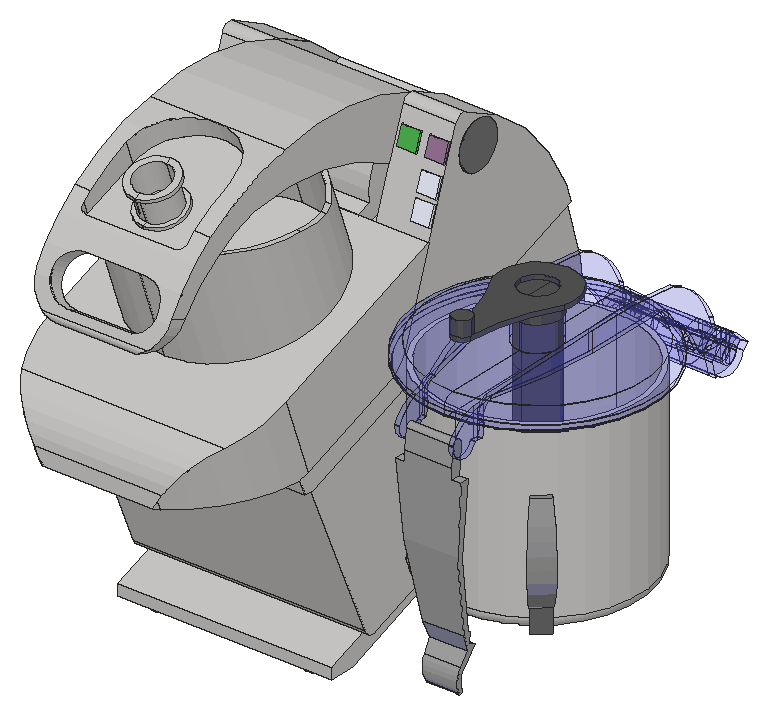
Revit family "QF_DITOSAMA_600439_DTRK70YG", category Specialty Equipment, Revit 2018
Family settings
  Round Connector Dimension = Use Diameter
  Part Type = Normal
  Work Plane-Based = No
  Always vertical = Yes
  Cut with Voids When Loaded = No
  Shared = No
  Room Calculation Point = No
Parameters (values of type "Standard")
  Weight = 28.00 kg
  Watts = 0 W
  Volts = 200 V
  URL Manufacturer = "http://www.ditosama.com"
  URL = "http://www.ditosama.com"
  Steam Supply Size = 0 mm
  Steam Supply Minimum Pressure = 0.0 Pa
  Steam Supply Maximum Pressure = 0.0 Pa
  Steam Pounds per Hour = 0
  Refrigeration Suction Line Size = 0 mm
  Refrigeration Liquid Line Size = 0 mm
  Refrigerant Compressor Remote = yes
  Manufacturer = "Dito Sama"
  Phase = 1
  Model = "DTRK70YG"
  Length Actual = 252 mm  # constant formula
  Item Number = "600439"
  Hot Water Size = 0 mm
  Height Actual = 505 mm  # constant formula
  HP = "2 HP"
  Gas Size = 0 mm
  Gas KW = 0
  Gas Input Pressure = 0 W
  Direct Waste Size = 0 mm
  Description = "CUTTER/SLICER 7L VARIAB.SPEED-1500W-200-240/1/50-60-UK"
  Depth Actual = 485 mm  # constant formula
  Cycle = 50 Hz
  Condensate Return Size = 0 mm
  Compressed Air Volume = 0.0 L/s
  Compressed Air Size = 0 mm
  Compressed Air Pressure = 0.0 Pa
  Cold Water Size = 0 mm
  Accessory = yes
Reference planes
  plane 1 "Center (Front/Back)": y = 0
  plane 2: z = 0
  plane 3 "Center (Left/Right)": x = 0
  plane 4 "BASE": through (-1506.947, -1354.442, -482.669) normal (0, -0.342, 0.9397)
  plane 5 "TOP": z = 725
  plane 6 "FRONT": y = -250
  plane 7 "BACK": y = 250
  plane 8 "LEFT": x = -126
  plane 9 "RIGHT": x = 126
  plane 10 "BaseSup": through (4267.2, -355.454, 143.983) normal (0, -0.342, 0.9397)
  plane 11 "TopCylinder": z = 505
  plane 12 "panel": through (4267.2, 37.396, 376.789) normal (0, -0.9397, 0.342)
  plane 13 "TAN1": through (4267.2, -242.8, 386.84) normal (0, -0.868, 0.4965)
  plane 14 "cx": x = -4.392
  plane 15: z = 490
  plane 16: z = 685
  plane 17 "EI_1": z = 320
  plane 18: z = 224
  plane 19 "SupportOblique": through (4267.2, 163.975, 96.815) normal (0, 0.809, 0.5878)
  plane 20 "CX2": x = 350
Forms (mm)
  Extrusion 1, solid, material "QF_Finishes_Stainless Steel"
    sketch origin (0, 71.755, 29.173) x (0, 0.939693, 0.34202) y (0, -0.34202, 0.939693)
      loop
        line (196.964, 40) -> (-146.726, 40) -> (-150.519, 29.578) -> (-124.204, 20) -> (196.964, 20) -> (196.964, 40)
    from -114.1 to 114.1
  Extrusion 2, solid, material "QF_Finishes_Stainless Steel"
    sketch origin (0, 71.755, 29.173) x (0, 0.939693, 0.34202) y (0, -0.34202, 0.939693)
      loop
        arc (-117.754, 231.836) -> (-115.679, 141.222) -> (-107.501, 50.953) r 1344.145
        arc (-107.501, 50.953) -> (-103.371, 43.13) -> (-95.098, 40) r 12.5
        line (-95.098, 40) -> (191.415, 40)
        arc (191.415, 40) -> (200.799, 44.052) -> (207.001, 52.177) r 20.212
        arc (207.001, 52.177) -> (236.663, 139.796) -> (245.906, 231.836) r 409.593
        line (245.906, 231.836) -> (-117.754, 231.836)
    from -123.6 to 123.2
  Extrusion 3, solid, material "QF_Finishes_Stainless Steel"
    sketch origin (0, 71.755, 29.173) x (0, 0.939693, 0.34202) y (0, -0.34202, 0.939693)
      loop
        line (-117.754, 231.836) -> (250, 231.836) -> (250, 254)
        arc (250, 254) -> (225.127, 344.7) -> (167.861, 419.303) r 244.524
        arc (167.861, 419.303) -> (160.498, 421.774) -> (153.587, 418.23) r 10
        line (153.587, 418.23) -> (25.432, 265.5)
        arc (25.432, 265.5) -> (14.376, 257.016) -> (0.77, 254) r 32.194
        line (0.77, 254) -> (-128.224, 254) -> (-128.224, 236.946) -> (-117.754, 231.836)
    from -125 to 125
  Extrusion 4, void
    sketch origin (0, 71.755, 29.173) x (0, 0.939693, 0.34202) y (0, -0.34202, 0.939693)
      loop
        line (146.605, 338.403) -> (228.145, 338.403)
        arc (228.145, 338.403) -> (202.221, 381.996) -> (167.861, 419.303) r 244.524
        arc (167.861, 419.303) -> (160.498, 421.774) -> (153.587, 418.23) r 10
        line (153.587, 418.23) -> (72.34, 321.403) -> (146.605, 321.403) -> (146.605, 338.403)
    from -76.755 to 68.071
  Extrusion 5, solid, material "QF_Finishes_Stainless Steel"
    sketch origin (0, 71.755, 29.173) x (0, 0.939693, 0.34202) y (0, -0.34202, 0.939693)
      loop
        line (86.605, 338.403) -> (69.605, 321.403) -> (146.605, 321.403) -> (146.605, 338.403) -> (138.179, 338.403) -> (138.179, 369.367)
        arc (138.179, 369.367) -> (147.784, 373.474) -> (158.149, 372.174) r 19.987
        arc (158.149, 372.174) -> (156.791, 382.001) -> (162.888, 389.826) r 12.748
        arc (162.888, 389.826) -> (123.302, 374.774) -> (101.605, 338.403) r 64.447
        line (101.605, 338.403) -> (86.605, 338.403)
    from -65 to 50
  Extrusion 6, solid, material "QF_Finishes_Stainless Steel"
    sketch origin (539, 71.755, 29.173) x (0, -0.939693, -0.34202) y (0, -0.34202, 0.939693)
      loop
        circle (-169.102, 378.696) r 12.748
    from 489 to 604
  Extrusion 7, solid, material "QF_Finishes_Rubber Black"
    sketch origin (0, 71.755, 29.173) x (0, 0.939693, 0.34202) y (0, -0.34202, 0.939693)
      loop
        circle (169.102, 378.696) r 25
    from 125 to 126.6
  Extrusion 8, solid, material "QF_Finishes_Green"
    sketch origin (-10, -113.728, -38.42) x (0, -0.34202, -0.939693) y (1, 0, 0)
      loop
        line (-529.862, 82.865) -> (-509.862, 82.865) -> (-509.862, 102.865) -> (-529.862, 102.865) -> (-529.862, 82.865)
    from 0 to 1.6
  Extrusion 9, solid, material "QF_Finishes_Red"
    sketch origin (20, -113.728, -38.42) x (0, -0.34202, -0.939693) y (1, 0, 0)
      loop
        line (-529.862, 82.865) -> (-509.862, 82.865) -> (-509.862, 102.865) -> (-529.862, 102.865) -> (-529.862, 82.865)
    from 0 to 1.6
  Extrusion 10, solid, material "QF_Finishes_White"
    sketch origin (19.976, -149.421, -75.636) x (0, -0.34202, -0.939693) y (1, 0, 0)
      loop
        line (-521.192, 82.865) -> (-501.192, 82.865) -> (-501.192, 102.865) -> (-521.192, 102.865) -> (-521.192, 82.865)
    from 0 to 1.6
  Extrusion 11, solid, material "QF_Finishes_Rubber Black"
    sketch origin (-20, -293.925, 99.376) x (0, -1, 0) y (1, 0, 0)
      loop
        circle (-230.144, 103.748) r 10
      loop
        circle (-230.144, -61.252) r 10
    from 9.274 to 3.787
  Extrusion 12, void
    sketch origin (-20.94, 306.731, 139.428) x (-1, 0, 0) y (0, -0.34202, 0.939693)
      loop
        circle (-20.94, 196.093) r 10
    from -1.916 to -26.433
  Extrusion 13, solid, material "QF_Finishes_Stainless Steel"
    sketch origin (-20.94, 306.678, 139.573) x (-1, 0, 0) y (0, -0.34202, 0.939693)
      loop
        circle (-20.94, 195.939) r 9.999
    from -8.514 to -26.433
  Extrusion 14, solid, material "QF_Finishes_Stainless Steel"
    sketch origin (0, -15.119, 267.855) x (0, -0.939693, -0.34202) y (1, 0, 0)
      loop
        line (-86.605, -125) -> (117.754, -125)
        arc (117.754, -125) -> (182.577, -108.838) -> (232.224, -64.135) r 138.076
        arc (232.224, -64.135) -> (246.337, -33.516) -> (250, 0) r 104.824
        arc (250, 0) -> (246.337, 33.516) -> (232.224, 64.135) r 104.824
        arc (232.224, 64.135) -> (182.577, 108.838) -> (117.754, 125) r 138.076
        line (117.754, 125) -> (-86.605, 125) -> (-86.605, -125)
    from 0 to 84.403
  Extrusion 15, void
    sketch origin (0, 71.755, 29.173) x (0, 0.939693, 0.34202) y (0, -0.34202, 0.939693)
      loop
        line (-183.149, 338.403) -> (-263.395, 338.403) -> (-263.395, 254) -> (-128.224, 254) -> (-235.716, 293.124) -> (-229.509, 307.133)
        arc (-229.509, 307.133) -> (-211.109, 329.855) -> (-183.149, 338.403) r 50
      loop
        line (86.605, 338.403) -> (25.432, 265.5)
        arc (25.432, 265.5) -> (14.376, 257.016) -> (0.77, 254) r 32.194
        line (0.77, 254) -> (86.605, 254) -> (86.605, 338.403)
    from -156.555 to 144.79
  Extrusion 16, solid, material "QF_Finishes_Rubber Black"
    sketch origin (-20, -255.757, 37.007) x (0, -0.939693, -0.34202) y (1, 0, 0)
      loop
        circle (-230.144, 103.748) r 10
      loop
        circle (-230.144, -61.252) r 10
    from -1.968 to 3.787
  Extrusion 17, solid, material "QF_Finishes_Stainless Steel"
    sketch origin (0, 0, 0) x (0, 1, 0) y (0, 0, 1)
      loop
        arc (-237.987, 360.286) -> (-193.334, 422.101) -> (-125.907, 457.716) r 167.502
        arc (-125.907, 457.716) -> (-32.614, 457.202) -> (54.785, 424.565) r 266.494
        line (54.785, 424.565) -> (73.036, 474.711)
        arc (73.036, 474.711) -> (77.269, 479.853) -> (83.792, 481.198) r 10
        arc (83.792, 481.198) -> (1.801, 503.572) -> (-83.051, 498.734) r 263.981
        arc (-83.051, 498.734) -> (-135.605, 484.534) -> (-183.511, 458.675) r 236.13
        arc (-183.511, 458.675) -> (-222.818, 420.732) -> (-248.457, 372.49) r 174.407
        arc (-248.457, 372.49) -> (-249.83, 368.135) -> (-247.05, 364.513) r 4.945
        line (-247.05, 364.513) -> (-237.987, 360.286)
    from -76.755 to 68.071
  Extrusion 18, void
    sketch origin (0, -252.846, 369.279) x (0, -0.496521, -0.868025) y (1, 0, 0)
      loop
        line (-13.723, -36.755) -> (-13.723, 28.071)
        arc (-13.723, 28.071) -> (-38.723, 53.071) -> (-63.723, 28.071) r 25
        line (-63.723, 28.071) -> (-63.723, -36.755)
        arc (-63.723, -36.755) -> (-38.723, -61.755) -> (-13.723, -36.755) r 25
    from -148.493 to 7.125
  Extrusion 19, void
    sketch origin (0, -88.076, 32.057) x (0, -0.34202, -0.939693) y (1, 0, 0)
      loop
        line (-257.162, 68.071) -> (-297.162, 68.071)
        arc (-297.162, 68.071) -> (-268.878, 56.356) -> (-257.162, 28.071) r 40
        line (-257.162, 28.071) -> (-257.162, 68.071)
      loop
        line (-257.162, -76.755) -> (-257.162, -36.755)
        arc (-257.162, -36.755) -> (-268.878, -65.039) -> (-297.162, -76.755) r 40
        line (-297.162, -76.755) -> (-257.162, -76.755)
    from 233.374 to 280.473
  Extrusion 20, void
    sketch origin (0, -73.76, 246.511) x (0, -0.939693, -0.34202) y (1, 0, 0)
      loop
        spline (50.415, 43.499) -> (50.302, 44.538) -> (50.07, 45.551) -> (49.722, 46.523) -> (49.265, 47.436) -> (48.705, 48.278) -> (48.053, 49.034) -> (47.317, 49.692) -> (46.511, 50.241) -> (45.647, 50.674) -> (44.738, 50.981) -> (43.801, 51.16) -> (42.848, 51.221)
        line (42.848, 51.221) -> (-21.826, 51.221)
        arc (-21.826, 51.221) -> (-77.476, -4.429) -> (-21.826, -60.078) r 55.65
        line (-21.826, -60.078) -> (42.849, -60.064)
        spline (42.849, -60.064) -> (43.796, -60.017) -> (44.73, -59.836) -> (45.637, -59.525) -> (46.5, -59.088) -> (47.306, -58.532) -> (48.042, -57.867) -> (48.695, -57.103) -> (49.256, -56.253) -> (49.715, -55.331) -> (50.065, -54.351) -> (50.3, -53.329) -> (50.415, -52.283)
        line (50.415, -52.283) -> (50.415, 43.499)
    from 219.928 to 259.975
  Extrusion 21, void
    sketch origin (0, -87.856, 241.381) x (0, -0.939693, -0.34202) y (1, 0, 0)
      loop
        circle (-4.976, -4.429) r 22.5
    from 184.171 to 259.975
  Extrusion 22, solid, material "QF_Finishes_Stainless Steel"
    sketch origin (0, -57.13, 252.564) x (0, -0.939693, -0.34202) y (1, 0, 0)
      loop
        circle (-27.476, -4.429) r 100
      loop
        circle (-27.476, -4.429) r 95
    from 84.403 to 219.928
  Extrusion 23, void
    sketch origin (539, 0, 0) x (0, -1, 0) y (0, 0, 1)
      loop
        line (-7.229, 448.453) -> (38.883, 431.669) -> (53.883, 431.669) -> (97.232, 435.738) -> (172.232, 435.738) -> (200.5, 434.424) -> (12.562, 502.828) -> (-7.229, 448.453)
    from 424.9 to 664
  Revolve 24, solid, material "QF_Finishes_Stainless Steel"
    sketch origin (-4.392, 0, 0) x (0, 1, 0) y (0, 0, 1)
      loop
        line (-159.523, 452.833) -> (-177.266, 446.376) -> (-188.766, 477.973) -> (-195.199, 475.631) -> (-193.959, 472.225) -> (-189.261, 473.935) -> (-179, 445.744) -> (-183.698, 444.034) -> (-182.575, 440.948) -> (-179.543, 442.052) -> (-133.191, 314.7) -> (-112.048, 322.396) -> (-159.523, 452.833)
      axis (-112.048, 322.396) -> (-171.023, 484.431)
    angle from 0 to 360
  Extrusion 25, solid, material "QF_Door-Drawer Clearances", detail levels coarse
    sketch origin (0, -262.072, 735.095) x (0, -0.581279, -0.813704) y (0, 0.813704, -0.581279)
      loop
        arc (-237.987, 360.286) -> (-193.334, 422.101) -> (-125.907, 457.716) r 167.502
        arc (-125.907, 457.716) -> (-61.925, 460.915) -> (0.971, 448.753) r 266.494
        arc (0.971, 448.753) -> (-2.208, 475.472) -> (-2.432, 502.379) r 244.524
        arc (-2.432, 502.379) -> (-31.549, 503.211) -> (-60.594, 500.999) r 278.64
        arc (-60.594, 500.999) -> (-125.023, 488.463) -> (-183.511, 458.675) r 236.13
        arc (-183.511, 458.675) -> (-222.818, 420.732) -> (-248.457, 372.49) r 174.407
        arc (-248.457, 372.49) -> (-249.83, 368.135) -> (-247.05, 364.513) r 4.945
        line (-247.05, 364.513) -> (-237.987, 360.286)
    from -76.755 to 68.071
  Extrusion 26, solid, material "QF_Door-Drawer Clearances", detail levels coarse
    sketch origin (-4.392, 0, -55) x (0, 1, 0) y (0, 0, 1)
      loop
        arc (180.062, 780.324) -> (-149.234, 694.151) -> (-249.905, 368.994) r 350.321
        line (-249.905, 368.994) -> (-246.546, 377.767)
        arc (-246.546, 377.767) -> (-144.345, 691.9) -> (174.993, 776.44) r 345.321
        line (174.993, 776.44) -> (180.062, 780.324)
    from -60 to 60
  Extrusion 27, solid, material "QF_Finishes_Rubber Black"
    sketch origin (-20, -20.834, 122.512) x (0, -0.939693, -0.34202) y (1, 0, 0)
      loop
        circle (-230.144, 103.748) r 10
      loop
        circle (-230.144, -61.252) r 10
    from -1.968 to 3.787
  Extrusion 28, void
    sketch origin (-4.392, 0, 0) x (0, 1, 0) y (0, 0, 1)
      loop
        circle (163.975, 96.815) r 5.399
    from -121.608 to 130.392
  Sweep 29, solid, material "QF_Finishes_Stainless Steel"
    path origin (0, 153.361, 111.423) x (0, -0.587785, 0.809017) y (1, 0, 0)
      loop
        line (-133.401, 56) -> (-133.401, 112.5)
        arc (-133.401, 112.5) -> (-130.472, 119.571) -> (-123.401, 122.5) r 10
        line (-123.401, 122.5) -> (-28.058, 122.5)
        arc (-28.058, 122.5) -> (-20.987, 119.571) -> (-18.058, 112.5) r 10
        line (-18.058, 112.5) -> (-18.058, -112.5)
        arc (-18.058, -112.5) -> (-20.987, -119.571) -> (-28.058, -122.5) r 10
        line (-28.058, -122.5) -> (-123.401, -122.5)
        arc (-123.401, -122.5) -> (-130.472, -119.571) -> (-133.401, -112.5) r 10
        line (-133.401, -112.5) -> (-133.401, -56)
    profile origin (84.25, 231.772, 3.5) x (0, 0.587785, -0.809017) y (0, 0.809017, 0.587785)
      loop
        circle (0, 0) r 3.5
  Extrusion 30, void
    sketch origin (-4.392, 0, 0) x (0, 1, 0) y (0, 0, 1)
      loop
        line (50.281, 42.641) -> (71.708, 50.44) -> (64.376, 57.771) -> (50.281, 52.641) -> (50.281, 42.641)
    from -119.208 to -51.608
  Extrusion 31, void
    sketch origin (4.392, 0, 0) x (0, 1, 0) y (0, 0, -1)
      loop
        line (50.281, -42.641) -> (50.281, -52.641) -> (64.376, -57.771) -> (71.708, -50.44) -> (50.281, -42.641)
    from -119.208 to -51.608
  Extrusion 32, solid, material "QF_Door-Drawer Clearances", detail levels coarse
    sketch origin (350, -160.4, -17.118) x (0, -0.34202, -0.939693) y (0, -0.939693, 0.34202)
      loop
        line (-206.754, 118.191) -> (-331.133, -223.538)
        arc (-331.133, -223.538) -> (-241.482, -246.331) -> (-149.003, -248.426) r 409.593
        arc (-149.003, -248.426) -> (-139.246, -245.378) -> (-132.229, -237.945) r 20.212
        line (-132.229, -237.945) -> (-34.236, 31.289)
        arc (-34.236, 31.289) -> (-34.347, 40.134) -> (-40.286, 46.691) r 12.5
        arc (-40.286, 46.691) -> (-122.314, 85.249) -> (-206.754, 118.191) r 1344.145
    from -123.6 to 123.2
  Extrusion 33, solid, material "QF_Door-Drawer Clearances", detail levels coarse
    sketch origin (350, -160.4, -17.118) x (0, -0.34202, -0.939693) y (0, -0.939693, 0.34202)
      loop
        line (-134.127, -243.16) -> (-115.333, -250) -> (-5.487, 51.799) -> (-5.487, 79.803) -> (-16.578, 79.803) -> (-134.127, -243.16)
    from -114.1 to 114.1
  Extrusion 34, solid, material "QF_Door-Drawer Clearances", detail levels coarse
    sketch origin (330, -388.076, 105.131) x (0, -1, 0) y (1, 0, 0)
      loop
        circle (-230.144, 103.748) r 10
      loop
        circle (-230.144, -61.252) r 10
    from -1.968 to 3.787
  Extrusion 35, solid, material "QF_Door-Drawer Clearances", detail levels coarse
    sketch origin (330, -138.076, 105.131) x (0, -1, 0) y (1, 0, 0)
      loop
        circle (-230.144, 103.748) r 10
      loop
        circle (-230.144, -61.252) r 10
    from -1.968 to 3.787
  Extrusion 36, solid, material "QF_Door-Drawer Clearances", detail levels coarse
    sketch origin (0, 250, 0) x (-1, 0, 0) y (0, 0, 1)
      loop
        circle (-350, 200) r 10
    from -89.12 to -78.665
  Extrusion 37, solid, material "QF_Finishes_White"
    sketch origin (19.976, -140.87, -52.143) x (0, -0.34202, -0.939693) y (1, 0, 0)
      loop
        line (-521.192, 82.865) -> (-501.192, 82.865) -> (-501.192, 102.865) -> (-521.192, 102.865) -> (-521.192, 82.865)
    from 0 to 1.6
Cuts and joins
  Extrusion 4, Extrusion 19, Extrusion 20, Extrusion 21 cuts Extrusion 3
  Extrusion 15, Extrusion 19, Extrusion 20, Extrusion 21 cuts Extrusion 14
  Extrusion 18, Extrusion 19, Extrusion 20, Extrusion 21 cuts Extrusion 17
  Extrusion 12, Extrusion 20, Extrusion 21 cuts Extrusion 2
  Extrusion 23 cuts Extrusion 22
  Extrusion 28, Extrusion 30, Extrusion 31 cuts Extrusion 1
Lines and regions (mm)
  symbolic lines
    curve 1: line (-76.755, 170.4, 0) -> (-76.755, -235.217, 0)
    curve 2: line (68.071, -235.135, 0) -> (68.071, 170.4, 0)
    curve 3: line (-76.755, 83.792, 0) -> (68.071, 83.792, 0)
    curve 4: line (-76.755, 170.4, 0) -> (68.071, 170.4, 0)
    curve 5: line (68.071, -83.051, 0) -> (-76.755, -83.051, 0)
    curve 6: line (-60.078, -136.967, 0) -> (51.221, -136.967, 0)
    curve 7: line (-60.078, -128.47, 0) -> (-60.078, -194.06, 0)
    curve 8: line (51.221, -193.76, 0) -> (51.221, -128.47, 0)
    curve 9: spline (-52.282, -199.891, 0) -> (-53.276, -199.815, 0) -> (-54.25, -199.647, 0) -> (-55.19, -199.39, 0) -> (-56.081, -199.046, 0) -> (-56.909, -198.622, 0) -> (-57.663, -198.124, 0) -> (-58.331, -197.559, 0) -> (-58.902, -196.936, 0) -> (-59.369, -196.264, 0) -> (-59.724, -195.553, 0) -> (-59.961, -194.815, 0) -> (-60.078, -194.06, 0)
    curve 10: line (43.499, -199.901, 0) -> (-52.283, -199.901, 0)
    curve 11: spline (51.218, -193.76, 0) -> (51.156, -194.554, 0) -> (50.964, -195.333, 0) -> (50.645, -196.085, 0) -> (50.204, -196.798, 0) -> (49.648, -197.459, 0) -> (48.986, -198.058, 0) -> (48.229, -198.586, 0) -> (47.39, -199.033, 0) -> (46.483, -199.392, 0) -> (45.521, -199.658, 0) -> (44.521, -199.826, 0) -> (43.499, -199.893, 0)
    curve 12: spline (-4.392, -146.848, 0) -> (-11.05, -147.672, 0) -> (-17.255, -150.087, 0) -> (-22.583, -153.929, 0) -> (-26.672, -158.936, 0) -> (-29.242, -164.766, 0) -> (-30.119, -171.023, 0) -> (-29.242, -177.28, 0) -> (-26.672, -183.111, 0) -> (-22.583, -188.118, 0) -> (-17.255, -191.96, 0) -> (-11.05, -194.375, 0) -> (-4.392, -195.199, 0)
    curve 13: spline (-4.392, -195.199, 0) -> (2.267, -194.375, 0) -> (8.472, -191.96, 0) -> (13.8, -188.118, 0) -> (17.888, -183.111, 0) -> (20.459, -177.28, 0) -> (21.335, -171.023, 0) -> (20.459, -164.766, 0) -> (17.888, -158.936, 0) -> (13.8, -153.929, 0) -> (8.472, -150.087, 0) -> (2.267, -147.672, 0) -> (-4.392, -146.848, 0)
    curve 14: spline (-4.392, -188.766, 0) -> (-9.279, -188.162, 0) -> (-13.832, -186.389, 0) -> (-17.743, -183.569, 0) -> (-20.744, -179.895, 0) -> (-22.63, -175.616, 0) -> (-23.273, -171.023, 0) -> (-22.63, -166.431, 0) -> (-20.744, -162.152, 0) -> (-17.743, -158.477, 0) -> (-13.832, -155.658, 0) -> (-9.279, -153.885, 0) -> (-4.392, -153.281, 0)
    curve 15: spline (-4.392, -153.281, 0) -> (0.495, -153.885, 0) -> (5.049, -155.658, 0) -> (8.96, -158.477, 0) -> (11.96, -162.152, 0) -> (13.846, -166.431, 0) -> (14.49, -171.023, 0) -> (13.846, -175.616, 0) -> (11.96, -179.895, 0) -> (8.96, -183.569, 0) -> (5.049, -186.389, 0) -> (0.495, -188.162, 0) -> (-4.392, -188.766, 0)
    curve 16: spline (-22.254, -165.273, 0) -> (-20.617, -168.597, 0) -> (-18.289, -171.534, 0) -> (-15.368, -173.96, 0) -> (-11.98, -175.77, 0) -> (-8.268, -176.888, 0) -> (-4.392, -177.266, 0) -> (-0.515, -176.888, 0) -> (3.197, -175.77, 0) -> (6.585, -173.96, 0) -> (9.505, -171.534, 0) -> (11.834, -168.597, 0) -> (13.471, -165.273, 0)
    curve 17: spline (21.106, -162.743, 0) -> (21.02, -155.749, 0) -> (18.807, -149.071, 0) -> (14.651, -143.268, 0) -> (8.902, -138.825, 0) -> (2.04, -136.115, 0) -> (-5.361, -135.365, 0) -> (-12.68, -136.637, 0) -> (-19.306, -139.824, 0) -> (-24.683, -144.661, 0) -> (-28.361, -150.742, 0) -> (-30.034, -157.558, 0) -> (-29.559, -164.538, 0)
    curve 18: spline (15.591, -154.349, 0) -> (13.851, -150.277, 0) -> (11.185, -146.674, 0) -> (7.729, -143.723, 0) -> (3.657, -141.574, 0) -> (-0.824, -140.337, 0) -> (-5.485, -140.073, 0) -> (-10.091, -140.797, 0) -> (-14.408, -142.471, 0) -> (-18.216, -145.011, 0) -> (-21.322, -148.287, 0) -> (-23.569, -152.134, 0) -> (-24.843, -156.356, 0)
    curve 19: line (-36.755, -245.358, 0) -> (-36.755, -220.255, 0)
    curve 20: line (28.071, -220.255, 0) -> (28.071, -245.358, 0)
    curve 21: line (-36.755, -220.255, 0) -> (28.071, -220.255, 0)
    curve 22: line (-36.755, -231.961, 0) -> (28.071, -231.961, 0)
    curve 23: line (28.071, -245.358, 0) -> (-36.755, -245.358, 0)
    curve 24: arc (-36.755, -231.961, 0) -> (-47.346, -230.66, 0) -> (-57.309, -226.836, 0) r 43.78
    curve 25: arc (28.071, -231.961, 0) -> (38.611, -230.648, 0) -> (48.525, -226.836, 0) r 43.78
    curve 26: line (108.532, -216.09, 0) -> (68.016, -248.959, 0)
    curve 27: spline (108.532, -216.09, 0) -> (111.117, -211.341, 0) -> (113.492, -206.496, 0) -> (115.654, -201.564, 0) -> (117.598, -196.552, 0) -> (119.32, -191.469, 0) -> (120.82, -186.324, 0) -> (122.092, -181.125, 0) -> (123.137, -175.882, 0) -> (123.951, -170.603, 0) -> (124.533, -165.296, 0) -> (124.883, -159.972, 0) -> (125, -154.639, 0)
    curve 28: line (125, -154.639, 0) -> (125, 227.385, 0)
    curve 29: spline (63.971, -249.433, 0) -> (63.542, -249.481, 0) -> (63.11, -249.529, 0) -> (62.674, -249.577, 0) -> (62.235, -249.624, 0) -> (61.792, -249.672, 0) -> (61.346, -249.719, 0) -> (60.896, -249.766, 0) -> (60.442, -249.813, 0) -> (59.985, -249.86, 0) -> (59.525, -249.907, 0) -> (59.06, -249.954, 0) -> (58.593, -250, 0)
    curve 30: spline (68.016, -248.959, 0) -> (67.688, -248.999, 0) -> (67.358, -249.038, 0) -> (67.026, -249.078, 0) -> (66.693, -249.118, 0) -> (66.359, -249.157, 0) -> (66.022, -249.197, 0) -> (65.684, -249.236, 0) -> (65.345, -249.276, 0) -> (65.004, -249.315, 0) -> (64.661, -249.354, 0) -> (64.317, -249.394, 0) -> (63.971, -249.433, 0)
    curve 31: line (-68.016, -248.959, 0) -> (68.016, -248.959, 0)
    curve 32: line (-68.016, -248.959, 0) -> (-108.532, -216.09, 0)
    curve 33: spline (-63.971, -249.433, 0) -> (-64.317, -249.394, 0) -> (-64.661, -249.354, 0) -> (-65.004, -249.315, 0) -> (-65.345, -249.276, 0) -> (-65.684, -249.236, 0) -> (-66.022, -249.197, 0) -> (-66.359, -249.157, 0) -> (-66.693, -249.118, 0) -> (-67.026, -249.078, 0) -> (-67.358, -249.038, 0) -> (-67.688, -248.999, 0) -> (-68.016, -248.959, 0)
    curve 34: spline (-58.593, -250, 0) -> (-59.06, -249.954, 0) -> (-59.525, -249.907, 0) -> (-59.985, -249.86, 0) -> (-60.442, -249.813, 0) -> (-60.896, -249.766, 0) -> (-61.346, -249.719, 0) -> (-61.792, -249.672, 0) -> (-62.235, -249.624, 0) -> (-62.674, -249.577, 0) -> (-63.11, -249.529, 0) -> (-63.542, -249.481, 0) -> (-63.971, -249.433, 0)
    curve 35: line (-76.755, -235.217, 0) -> (-60.604, -248.457, 0)
    curve 36: spline (-125, -154.639, 0) -> (-124.883, -159.972, 0) -> (-124.533, -165.296, 0) -> (-123.951, -170.603, 0) -> (-123.137, -175.882, 0) -> (-122.092, -181.125, 0) -> (-120.82, -186.324, 0) -> (-119.32, -191.469, 0) -> (-117.598, -196.552, 0) -> (-115.654, -201.564, 0) -> (-113.492, -206.496, 0) -> (-111.117, -211.341, 0) -> (-108.532, -216.09, 0)
    curve 37: line (-125, 227.385, 0) -> (-125, -154.639, 0)
    curve 38: arc (-76.755, -160.023, 0) -> (-93.256, -130.498, 0) -> (-99.37, -97.232, 0) r 103.622
    curve 39: arc (-76.755, -168.026, 0) -> (-96.901, -135.101, 0) -> (-104.377, -97.232, 0) r 109.55
    curve 40: spline (-99.395, -97.232, 0) -> (-99.428, -93.546, 0) -> (-99.341, -89.86, 0) -> (-99.135, -86.178, 0) -> (-98.81, -82.506, 0) -> (-98.367, -78.845, 0) -> (-97.806, -75.201, 0) -> (-97.127, -71.576, 0) -> (-96.331, -67.976, 0) -> (-95.419, -64.402, 0) -> (-94.392, -60.86, 0) -> (-93.251, -57.352, 0) -> (-91.998, -53.883, 0)
    curve 41: arc (-91.998, -53.883, 0) -> (-88.614, -46.234, 0) -> (-84.624, -38.883, 0) r 103.541
    curve 42: spline (-84.624, -38.883, 0) -> (-84.026, -38.009, 0) -> (-83.417, -37.142, 0) -> (-82.798, -36.282, 0) -> (-82.167, -35.428, 0) -> (-81.527, -34.582, 0) -> (-80.876, -33.742, 0) -> (-80.214, -32.91, 0) -> (-79.543, -32.085, 0) -> (-78.861, -31.267, 0) -> (-78.169, -30.457, 0) -> (-77.467, -29.655, 0) -> (-76.755, -28.86, 0)
    curve 43: spline (-90.488, -38.883, 0) -> (-89.506, -37.356, 0) -> (-88.492, -35.846, 0) -> (-87.448, -34.355, 0) -> (-86.375, -32.883, 0) -> (-85.271, -31.43, 0) -> (-84.139, -29.997, 0) -> (-82.978, -28.585, 0) -> (-81.788, -27.193, 0) -> (-80.571, -25.823, 0) -> (-79.326, -24.476, 0) -> (-78.054, -23.15, 0) -> (-76.755, -21.847, 0)
    curve 44: arc (-97.398, -53.883, 0) -> (-94.227, -46.252, 0) -> (-90.488, -38.883, 0) r 109.406
    curve 45: spline (-104.397, -97.232, 0) -> (-104.428, -93.553, 0) -> (-104.346, -89.875, 0) -> (-104.151, -86.201, 0) -> (-103.844, -82.535, 0) -> (-103.425, -78.879, 0) -> (-102.894, -75.238, 0) -> (-102.252, -71.615, 0) -> (-101.499, -68.013, 0) -> (-100.637, -64.435, 0) -> (-99.665, -60.886, 0) -> (-98.585, -57.367, 0) -> (-97.398, -53.883, 0)
    curve 46: spline (-104.429, -60.179, 0) -> (-104.227, -54.213, 0) -> (-103.623, -48.272, 0) -> (-102.618, -42.379, 0) -> (-101.218, -36.558, 0) -> (-99.427, -30.832, 0) -> (-97.253, -25.224, 0) -> (-94.704, -19.758, 0) -> (-91.791, -14.454, 0) -> (-88.526, -9.335, 0) -> (-84.922, -4.421, 0) -> (-80.993, 0.268, 0) -> (-76.755, 4.714, 0)
    curve 47: line (-104.429, -60.179, 0) -> (-104.429, -91.125, 0)
    curve 48: line (-125, 37.396, 0) -> (-76.755, 37.396, 0)
    curve 49: line (-125, 227.385, 0) -> (125, 227.385, 0)
    curve 50: line (-125, 219.805, 0) -> (125, 219.805, 0)
    curve 51: line (-65, 113.885, 0) -> (50, 113.885, 0)
    curve 52: line (50, 113.885, 0) -> (50, 83.792, 0)
    curve 53: line (-65, 113.885, 0) -> (-65, 83.792, 0)
    curve 54: line (-65, 91.491, 0) -> (50, 91.491, 0)
    curve 55: line (50, 93.777, 0) -> (68.071, 93.777, 0)
    curve 56: line (-65, 93.777, 0) -> (-76.755, 93.777, 0)
    curve 57: line (72.865, 67.495, 0) -> (92.865, 67.495, 0)
    curve 58: line (72.865, 59.152, 0) -> (72.865, 67.495, 0)
    curve 59: line (92.865, 59.152, 0) -> (72.865, 59.152, 0)
    curve 60: line (92.865, 67.495, 0) -> (92.865, 59.152, 0)
    curve 61: line (102.865, 67.495, 0) -> (122.865, 67.495, 0)
    curve 62: line (102.865, 59.152, 0) -> (102.865, 67.495, 0)
    curve 63: line (122.865, 59.152, 0) -> (102.865, 59.152, 0)
    curve 64: line (122.865, 67.495, 0) -> (122.865, 59.152, 0)
    curve 65: line (102.841, 48.394, 0) -> (122.841, 48.394, 0)
    curve 66: line (102.841, 40.05, 0) -> (102.841, 48.394, 0)
    curve 67: line (122.841, 40.05, 0) -> (102.841, 40.05, 0)
    curve 68: line (122.841, 48.394, 0) -> (122.841, 40.05, 0)
    curve 69: line (92.865, 65.992, 0) -> (72.865, 65.992, 0)
    curve 70: line (122.865, 65.992, 0) -> (102.865, 65.992, 0)
    curve 71: line (122.841, 46.891, 0) -> (102.841, 46.891, 0)
    curve 72: line (-123.6, 250, 0) -> (123.2, 250, 0)
    curve 73: line (123.2, 227.385, 0) -> (123.2, 250, 0)
    curve 74: line (-123.6, 227.385, 0) -> (-123.6, 250, 0)
    curve 75: line (68.071, 37.396, 0) -> (125, 37.396, 0)
    curve 76: line (68.071, -235.135, 0) -> (51.82, -248.457, 0)
    curve 77: arc (68.071, -159.898, 0) -> (84.5, -130.423, 0) -> (90.587, -97.232, 0) r 103.622
    curve 78: arc (68.071, -167.913, 0) -> (88.145, -135.031, 0) -> (95.593, -97.232, 0) r 109.55
    curve 79: spline (90.612, -97.232, 0) -> (90.644, -93.546, 0) -> (90.558, -89.86, 0) -> (90.352, -86.178, 0) -> (90.027, -82.506, 0) -> (89.584, -78.845, 0) -> (89.022, -75.201, 0) -> (88.343, -71.576, 0) -> (87.547, -67.976, 0) -> (86.636, -64.402, 0) -> (85.609, -60.86, 0) -> (84.468, -57.352, 0) -> (83.214, -53.883, 0)
    curve 80: arc (83.214, -53.883, 0) -> (79.831, -46.234, 0) -> (75.841, -38.883, 0) r 103.541
    curve 81: spline (75.841, -38.883, 0) -> (75.25, -38.019, 0) -> (74.648, -37.162, 0) -> (74.036, -36.312, 0) -> (73.414, -35.468, 0) -> (72.781, -34.631, 0) -> (72.138, -33.801, 0) -> (71.485, -32.977, 0) -> (70.822, -32.161, 0) -> (70.149, -31.353, 0) -> (69.466, -30.551, 0) -> (68.774, -29.757, 0) -> (68.071, -28.97, 0)
    curve 82: spline (81.705, -38.883, 0) -> (80.729, -37.365, 0) -> (79.722, -35.865, 0) -> (78.685, -34.383, 0) -> (77.619, -32.92, 0) -> (76.523, -31.476, 0) -> (75.399, -30.051, 0) -> (74.246, -28.647, 0) -> (73.066, -27.263, 0) -> (71.857, -25.901, 0) -> (70.622, -24.56, 0) -> (69.36, -23.242, 0) -> (68.071, -21.946, 0)
    curve 83: arc (88.615, -53.883, 0) -> (85.443, -46.252, 0) -> (81.705, -38.883, 0) r 109.406
    curve 84: spline (95.614, -97.232, 0) -> (95.644, -93.553, 0) -> (95.562, -89.875, 0) -> (95.368, -86.201, 0) -> (95.061, -82.535, 0) -> (94.641, -78.879, 0) -> (94.111, -75.238, 0) -> (93.469, -71.615, 0) -> (92.716, -68.013, 0) -> (91.853, -64.435, 0) -> (90.882, -60.886, 0) -> (89.802, -57.367, 0) -> (88.615, -53.883, 0)
    curve 85: spline (95.645, -60.179, 0) -> (95.444, -54.225, 0) -> (94.842, -48.295, 0) -> (93.842, -42.413, 0) -> (92.446, -36.602, 0) -> (90.662, -30.886, 0) -> (88.496, -25.287, 0) -> (85.957, -19.829, 0) -> (83.055, -14.533, 0) -> (79.802, -9.421, 0) -> (76.21, -4.512, 0) -> (72.295, 0.173, 0) -> (68.071, 4.615, 0)
    curve 86: line (95.645, -60.179, 0) -> (95.645, -91.125, 0)
    curve 87: line (102.841, 56.945, 0) -> (122.841, 56.945, 0)
    curve 88: line (122.841, 55.441, 0) -> (102.841, 55.441, 0)
    curve 89: line (102.841, 56.945, 0) -> (102.841, 48.394, 0)
    curve 90: line (102.841, 48.601, 0) -> (122.841, 48.601, 0)
    curve 91: line (122.841, 48.601, 0) -> (122.841, 56.945, 0)
Dimensions and locks
  plane 5 "TOP" to level = 725 mm  (x2)
  plane 8 "LEFT" to plane 3 "Center (Left/Right)" to plane 9 "RIGHT" = 126 mm, 126 mm
  plane 7 "BACK" to plane 1 "Center (Front/Back)" to plane 6 "FRONT" = 250 mm, 250 mm
  plane 5 "TOP" to plane 2 = 725 mm
  plane 5 "TOP" to plane 11 "TopCylinder" = 220 mm
  plane 6 "FRONT" to plane 7 "BACK" = 500 mm
  plane 7 "BACK" to plane 6 "FRONT" = 500 mm
  plane 11 "TopCylinder" to level = 505 mm  (x2)
  plane 15 to level = 490 mm  (x2)
  plane 16 to level = 685 mm
  plane 17 "EI_1" to level = 320 mm
  plane 18 to level = 224 mm
  plane 16 to plane 2 = 685 mm
  plane 9 "RIGHT" to plane 8 "LEFT" = 252 mm
  aligned and locked: level to plane 2
Nested families
  nested 1: "QF_600438_BOWL" at (360, -39.665, -20.592), type "QF_600438_BOWL"
Connectors
  electrical at (0, 231.662, 320.783), driven by "Volts"
    settings: on Extrusion 13, index 1, voltage 200 V, apparent load 0 VA, apparent load phase1 0 VA, apparent load phase2 0 VA, apparent load phase3 0 VA, power factor 1, load classification "Other", number of poles 1, system type 30, power factor state 1, is connector primary yes, connector utility no, sub classification motor no, connector description "Electrical Connection"
Definition of nested family "QF_600438_BOWL"
  Reference planes
    plane 1 "Center (Front/Back)": y = 0
    plane 2: z = 0
    plane 3 "Center (Left/Right)": x = 0
    plane 4 "TOP": z = 705.4
    plane 5 "FRONT": y = -211
    plane 6 "BACK": y = 211
    plane 7 "LEFT": x = -128
    plane 8 "RIGHT": x = 128
    plane 9 "CenterX": x = -10
    plane 10 "Maniglia": through (-10, -59.177, 4000) normal (0.766, 0.6428, 0)
    plane 11 "Panel": through (4267.2, 107.252, 388.448) normal (0, 0.766, -0.6428)
    plane 12: z = 510
  Forms (mm)
    Revolve 1, solid
      sketch origin (-10, 0, 0) x (0, -1, 0) y (0, 0, 1)
        loop
          line (59.177, 490.527) -> (28.516, 490.527) -> (35.424, 483.619) -> (35.424, 470.527) -> (38.194, 470.527) -> (38.194, 356.104) -> (59.177, 356.104) -> (59.177, 490.527)
        axis (59.177, 356.104) -> (59.177, 490.527)
      angle from 0 to 360
    Extrusion 2, solid
      sketch origin (0, 0, 0) x (1, 0, 0) y (0, 1, 0)
        loop
          arc (-48.167, -71.147) -> (-28.951, -114.517) -> (-19.956, -161.093) r 210.055
          arc (-19.956, -161.093) -> (-10, -170.155) -> (-0.044, -161.093) r 10
          arc (-0.044, -161.093) -> (8.951, -114.517) -> (28.167, -71.147) r 210.055
          arc (28.167, -71.147) -> (-10, -19.177) -> (-48.167, -71.147) r 40
      from 490.527 to 495.013
    Extrusion 3, solid
      sketch origin (0, 0, 0) x (1, 0, 0) y (0, 1, 0)
        loop
          circle (-10, -160.155) r 10
      from 495.013 to 510.592
    Extrusion 4, void
      sketch origin (0, 0, 0) x (1, 0, 0) y (0, 1, 0)
        loop
          circle (-10, -59.177) r 19
      from 467.615 to 512.796
    Extrusion 5, void
      sketch origin (-20, 0, 0) x (-1, 0, 0) y (0, -1, 0)
        loop
          line (16.15, 177.864) -> (16.15, -123.86) -> (35.771, -123.86) -> (35.771, 48.192)
          arc (35.771, 48.192) -> (30.047, 105.502) -> (17.781, 161.776) r 500.876
          line (17.781, 161.776) -> (17.781, 171.776) -> (16.15, 177.864)
        loop
          line (40.771, -123.86) -> (45.852, -123.86) -> (45.852, 210.681) -> (21.15, 210.681) -> (21.15, 178.522) -> (22.781, 172.434) -> (22.781, 162.459)
          arc (22.781, 162.459) -> (35.047, 105.893) -> (40.771, 48.297) r 505.876
          line (40.771, 48.297) -> (40.771, -123.86)
      from 381.652 to 477.521
    Extrusion 6, solid
      sketch origin (-20, 0, 0) x (0, 1, 0) y (0, 0, -1)
        loop
          line (-173.064, -409.647) -> (-181.147, -409.647)
          arc (-181.147, -409.647) -> (-199.354, -399.982) -> (-210.844, -417.096) r 15.391
          arc (-210.844, -417.096) -> (-202.04, -429.372) -> (-189.058, -437.099) r 36.946
          arc (-189.058, -437.099) -> (-65.868, -463.241) -> (59.99, -458.888) r 518.061
          arc (59.99, -458.888) -> (92.246, -438.11) -> (113.023, -405.855) r 90.696
          arc (113.023, -405.855) -> (114.903, -399.662) -> (115.972, -393.28) r 50.278
          arc (115.972, -393.28) -> (121.968, -392.806) -> (127.203, -389.844) r 13.902
          arc (127.203, -389.844) -> (135.322, -382.188) -> (143.082, -374.167) r 242.898
          line (143.082, -374.167) -> (137.378, -368.464)
          arc (137.378, -368.464) -> (123.613, -353.84) -> (104.088, -358.543) r 20
          line (104.088, -358.543) -> (99.34, -358.543)
          arc (99.34, -358.543) -> (88.098, -393.587) -> (65.823, -422.884) r 108.872
          line (65.823, -422.884) -> (50.823, -422.884)
          arc (50.823, -422.884) -> (52.796, -423.701) -> (53.614, -425.674) r 2.79
          line (53.614, -425.674) -> (53.614, -430.892)
          arc (53.614, -430.892) -> (50.154, -439.244) -> (41.802, -442.703) r 11.812
          line (41.802, -442.703) -> (-160.307, -442.703)
          arc (-160.307, -442.703) -> (-168.659, -439.244) -> (-172.119, -430.892) r 11.812
          line (-172.119, -430.892) -> (-172.119, -425.826)
          arc (-172.119, -425.826) -> (-171.728, -424.361) -> (-170.659, -423.285) r 2.942
          line (-170.659, -423.285) -> (-173.064, -409.647)
        loop
          circle (117.901, -373.007) r 9.416
      from 16.15 to 45.852
    Extrusion 7, solid
      sketch origin (0, 0, 0) x (0, 1, 0) y (0, 0, 1)
        loop
          line (137.378, 368.464) -> (143.082, 374.167)
          arc (143.082, 374.167) -> (135.322, 382.188) -> (127.203, 389.844) r 242.898
          arc (127.203, 389.844) -> (116.931, 393.38) -> (107.252, 388.448) r 13.902
          line (107.252, 388.448) -> (95.766, 374.76)
          arc (95.766, 374.76) -> (97.862, 366.72) -> (99.34, 358.543) r 108.872
          line (99.34, 358.543) -> (104.088, 358.543)
          arc (104.088, 358.543) -> (123.613, 353.84) -> (137.378, 368.464) r 20
        loop
          circle (117.901, 373.007) r 9.416
      from -71.073 to 53.607
    Extrusion 8, solid
      sketch origin (0, 0, 0) x (0, 1, 0) y (0, 0, 1)
        loop
          arc (-182.273, 168.111) -> (-185.377, 178.111) -> (-182.273, 188.111) r 17.658
          line (-182.273, 188.111) -> (-169.592, 207.294) -> (-177.764, 211.104) -> (-177.764, 222.201) -> (-180.378, 224.815)
          arc (-180.378, 224.815) -> (-195.887, 307.452) -> (-195.295, 391.529) r 437.299
          line (-195.295, 391.529) -> (-193.232, 411.422)
          arc (-193.232, 411.422) -> (-197.69, 416.911) -> (-203.179, 412.454) r 5
          line (-203.179, 412.454) -> (-205.242, 392.56)
          arc (-205.242, 392.56) -> (-202.268, 306.332) -> (-185.461, 221.705) r 534.528
          line (-185.461, 221.705) -> (-177.764, 203.503) -> (-186.394, 190.943)
          arc (-186.394, 190.943) -> (-190.377, 178.111) -> (-186.394, 165.28) r 22.658
          arc (-186.394, 165.28) -> (-182.917, 164.635) -> (-182.273, 168.111) r 2.5
      from -49.646 to 27.326
    Extrusion 9, void
      sketch origin (0, -211, 0) x (-1, 0, 0) y (0, 0, 1)
        loop
          line (-15.15, 416.938) -> (-47.326, 416.938) -> (-47.326, 161.938) -> (-6.963, 161.938) -> (-24.508, 381.652) -> (-15.15, 381.652) -> (-15.15, 416.938)
        loop
          line (26.963, 161.938) -> (77.918, 161.938) -> (77.918, 416.938) -> (35.15, 416.938) -> (35.15, 381.652) -> (44.508, 381.652) -> (26.963, 161.938)
      from 46.08 to -69.339
    Extrusion 10, solid
      sketch origin (0, 0, 0) x (0, 1, 0) y (0, 0, 1)
        loop
          line (-173.064, 409.647) -> (-170.659, 423.285)
          arc (-170.659, 423.285) -> (-171.728, 424.361) -> (-172.119, 425.826) r 2.942
          line (-172.119, 425.826) -> (-172.119, 430.892)
          arc (-172.119, 430.892) -> (-168.659, 439.244) -> (-160.307, 442.703) r 11.812
          line (-160.307, 442.703) -> (41.802, 442.703)
          arc (41.802, 442.703) -> (50.154, 439.244) -> (53.614, 430.892) r 11.812
          line (53.614, 430.892) -> (53.614, 425.674)
          arc (53.614, 425.674) -> (52.796, 423.701) -> (50.823, 422.884) r 2.79
          line (50.823, 422.884) -> (65.823, 422.884)
          arc (65.823, 422.884) -> (88.098, 393.587) -> (99.34, 358.543) r 108.872
          line (99.34, 358.543) -> (104.088, 358.543)
          arc (104.088, 358.543) -> (123.613, 353.84) -> (137.378, 368.464) r 20
          line (137.378, 368.464) -> (143.082, 374.167)
          arc (143.082, 374.167) -> (135.322, 382.188) -> (127.203, 389.844) r 242.898
          arc (127.203, 389.844) -> (121.968, 392.806) -> (115.972, 393.28) r 13.902
          arc (115.972, 393.28) -> (114.903, 399.662) -> (113.023, 405.855) r 50.278
          arc (113.023, 405.855) -> (92.246, 438.11) -> (59.99, 458.888) r 90.696
          arc (59.99, 458.888) -> (-65.868, 463.241) -> (-189.058, 437.099) r 518.061
          arc (-189.058, 437.099) -> (-202.04, 429.372) -> (-210.844, 417.096) r 36.946
          arc (-210.844, 417.096) -> (-199.354, 399.982) -> (-181.147, 409.647) r 15.391
          line (-181.147, 409.647) -> (-173.064, 409.647)
        loop
          circle (117.901, 373.007) r 9.416
      from 16.15 to 45.852
    Extrusion 11, void
      sketch origin (0, 0, 0) x (1, 0, 0) y (0, 1, 0)
        loop
          line (16.15, -177.864) -> (17.781, -171.776) -> (17.781, -161.776)
          arc (17.781, -161.776) -> (30.047, -105.502) -> (35.771, -48.192) r 500.876
          line (35.771, -48.192) -> (35.771, 123.86) -> (16.15, 123.86) -> (16.15, -177.864)
        loop
          line (40.771, 123.86) -> (40.771, -48.297)
          arc (40.771, -48.297) -> (35.047, -105.893) -> (22.781, -162.459) r 505.876
          line (22.781, -162.459) -> (22.781, -172.434) -> (21.15, -178.522) -> (21.15, -210.681) -> (45.852, -210.681) -> (45.852, 123.86) -> (40.771, 123.86)
      from 381.652 to 477.521
    Revolve 12, solid
      sketch origin (-10, 0, 0) x (0, -1, 0) y (0, 0, 1)
        loop
          line (38.194, 422.884) -> (38.194, 470.527) -> (35.424, 470.527) -> (35.424, 442.703) -> (-53.802, 442.703)
          arc (-53.802, 442.703) -> (-62.213, 439.268) -> (-65.732, 430.892) r 11.871
          line (-65.732, 430.892) -> (-65.732, 425.793)
          arc (-65.732, 425.793) -> (-64.88, 423.736) -> (-62.823, 422.884) r 2.909
          line (-62.823, 422.884) -> (38.194, 422.884)
        axis (59.177, 422.884) -> (59.177, 470.527)
      angle from 0 to 360
    Revolve 13, solid
      sketch origin (-10, 0, 0) x (0, -1, 0) y (0, 0, 1)
        loop
          line (169.177, 422.884) -> (164.177, 422.884) -> (164.177, 237.884)
          arc (164.177, 237.884) -> (162.191, 233.09) -> (157.397, 231.104) r 6.78
          line (157.397, 231.104) -> (84.177, 231.104) -> (84.177, 356.104) -> (79.177, 356.104) -> (79.177, 226.104) -> (157.397, 226.104)
          arc (157.397, 226.104) -> (165.726, 229.554) -> (169.177, 237.884) r 11.78
          line (169.177, 237.884) -> (169.177, 422.884)
        axis (59.177, 422.884) -> (59.177, 226.104)
      angle from 0 to 360
    Extrusion 14, solid
      sketch origin (-49.423, -13.925, 0) x (0.634002, 0.773331, 0) y (-0.773331, 0.634002, 0)
        loop
          line (-55.497, -222.333) -> (-26.468, -227.794) -> (-20.635, -161.119)
          arc (-20.635, -161.119) -> (-28.727, -159.898) -> (-36.729, -158.185) r 133.529
          line (-36.729, -158.185) -> (-55.497, -222.333)
      from 226.104 to 356.104
    Revolve 15, void
      sketch origin (-35.007, -29.374, 0) x (-0.642788, 0.766044, 0) y (0, 0, 1)
        loop
          arc (-155.215, 337.579) -> (-171.344, 302.579) -> (-155.215, 267.579) r 46.04
          line (-155.215, 267.579) -> (-147.754, 267.579) -> (-147.754, 337.579) -> (-155.215, 337.579)
        loop
          line (-155.215, 356.104) -> (-147.754, 356.104) -> (-147.754, 361.761) -> (-215.215, 361.761) -> (-215.215, 226.104) -> (-147.754, 226.104) -> (-147.754, 256.485) -> (-163.93, 256.485)
          arc (-163.93, 256.485) -> (-184.453, 308.471) -> (-155.215, 356.104) r 62.537
        axis (10, 361.761) -> (10, 226.104)
      angle from -8.217 to 8.652
    Extrusion 16, solid
      sketch origin (0, 0, 0) x (1, 0, 0) y (0, 1, 0)
        loop
          arc (57.446, -154.071) -> (64.931, -148.135) -> (72.061, -141.775) r 165.215
          line (72.061, -141.775) -> (66.401, -136.116)
          arc (66.401, -136.116) -> (59.824, -141.977) -> (52.928, -147.46) r 157.215
          line (52.928, -147.46) -> (57.446, -154.071)
      from 226.104 to 256.485
    Revolve 17, solid, detail levels coarse
      sketch origin (-10, -235.136, 499.949) x (0, 0, 1) y (0, 1, 0)
        loop
          line (59.177, 490.527) -> (28.516, 490.527) -> (35.424, 483.619) -> (35.424, 470.527) -> (38.194, 470.527) -> (38.194, 442.703) -> (59.177, 442.703) -> (59.177, 490.527)
        axis (59.177, 442.703) -> (59.177, 490.527)
      angle from 0 to 360
    Extrusion 18, solid, detail levels coarse
      sketch origin (0, -235.136, 499.949) x (1, 0, 0) y (0, 0, -1)
        loop
          arc (-48.167, -71.147) -> (-28.951, -114.517) -> (-19.956, -161.093) r 210.055
          arc (-19.956, -161.093) -> (-10, -170.155) -> (-0.044, -161.093) r 10
          arc (-0.044, -161.093) -> (8.951, -114.517) -> (28.167, -71.147) r 210.055
          arc (28.167, -71.147) -> (-10, -19.177) -> (-48.167, -71.147) r 40
      from 490.527 to 495.013
    Extrusion 19, solid, detail levels coarse
      sketch origin (0, -235.136, 499.949) x (1, 0, 0) y (0, 0, -1)
        loop
          circle (-10, -160.155) r 10
      from 495.013 to 510.592
    Extrusion 20, void
      sketch origin (-20, -221.856, 479.359) x (-1, 0, 0) y (0, 0, 1)
        loop
          line (16.15, 177.864) -> (16.15, -123.86) -> (35.771, -123.86) -> (35.771, 48.192)
          arc (35.771, 48.192) -> (30.047, 105.502) -> (17.781, 161.776) r 500.876
          line (17.781, 161.776) -> (17.781, 171.776) -> (16.15, 177.864)
        loop
          line (40.771, -123.86) -> (45.852, -123.86) -> (45.852, 217.003) -> (21.15, 217.003) -> (21.15, 178.522) -> (22.781, 172.434) -> (22.781, 162.459)
          arc (22.781, 162.459) -> (35.047, 105.893) -> (40.771, 48.297) r 505.876
          line (40.771, 48.297) -> (40.771, -123.86)
      from 350.345 to 477.521
    Extrusion 21, solid, detail levels coarse
      sketch origin (-20, -235.136, 499.949) x (0, 0, -1) y (0, -1, 0)
        loop
          line (-173.064, -409.647) -> (-181.303, -409.647)
          arc (-181.303, -409.647) -> (-196.341, -401.818) -> (-205.451, -416.117) r 12.548
          arc (-205.451, -416.117) -> (-199.87, -428.651) -> (-189.058, -437.099) r 28.357
          arc (-189.058, -437.099) -> (-65.868, -463.241) -> (59.99, -458.888) r 518.061
          arc (59.99, -458.888) -> (92.246, -438.11) -> (113.023, -405.855) r 90.696
          arc (113.023, -405.855) -> (114.903, -399.662) -> (115.972, -393.28) r 50.278
          arc (115.972, -393.28) -> (121.968, -392.806) -> (127.203, -389.844) r 13.902
          arc (127.203, -389.844) -> (130.645, -386.684) -> (134.025, -383.459) r 242.898
          arc (134.025, -383.459) -> (118.878, -371.582) -> (104.72, -358.543) r 242.898
          line (104.72, -358.543) -> (99.34, -358.543)
          arc (99.34, -358.543) -> (88.098, -393.587) -> (65.823, -422.884) r 108.872
          line (65.823, -422.884) -> (50.823, -422.884)
          arc (50.823, -422.884) -> (52.796, -423.701) -> (53.614, -425.674) r 2.79
          line (53.614, -425.674) -> (53.614, -430.892)
          arc (53.614, -430.892) -> (50.154, -439.244) -> (41.802, -442.703) r 11.812
          line (41.802, -442.703) -> (-160.307, -442.703)
          arc (-160.307, -442.703) -> (-168.659, -439.244) -> (-172.119, -430.892) r 11.812
          line (-172.119, -430.892) -> (-172.119, -425.826)
          arc (-172.119, -425.826) -> (-171.728, -424.361) -> (-170.659, -423.285) r 2.942
          line (-170.659, -423.285) -> (-173.064, -409.647)
      from 16.15 to 45.852
    Extrusion 22, void
      sketch origin (0, -221.856, 479.359) x (1, 0, 0) y (0, 0, -1)
        loop
          line (16.15, -177.864) -> (17.781, -171.776) -> (17.781, -161.776)
          arc (17.781, -161.776) -> (30.047, -105.502) -> (35.771, -48.192) r 500.876
          line (35.771, -48.192) -> (35.771, 123.86) -> (16.15, 123.86) -> (16.15, -177.864)
        loop
          line (40.771, 123.86) -> (40.771, -48.297)
          arc (40.771, -48.297) -> (35.047, -105.893) -> (22.781, -162.459) r 505.876
          line (22.781, -162.459) -> (22.781, -172.434) -> (21.15, -178.522) -> (21.15, -217.003) -> (45.852, -217.003) -> (45.852, 123.86) -> (40.771, 123.86)
      from 350.345 to 477.521
    Extrusion 23, solid, detail levels coarse
      sketch origin (0, -235.136, 499.949) x (0, 0, -1) y (0, 1, 0)
        loop
          line (-173.064, 409.647) -> (-170.659, 423.285)
          arc (-170.659, 423.285) -> (-171.728, 424.361) -> (-172.119, 425.826) r 2.942
          line (-172.119, 425.826) -> (-172.119, 430.892)
          arc (-172.119, 430.892) -> (-168.659, 439.244) -> (-160.307, 442.703) r 11.812
          line (-160.307, 442.703) -> (41.802, 442.703)
          arc (41.802, 442.703) -> (50.154, 439.244) -> (53.614, 430.892) r 11.812
          line (53.614, 430.892) -> (53.614, 425.674)
          arc (53.614, 425.674) -> (52.796, 423.701) -> (50.823, 422.884) r 2.79
          line (50.823, 422.884) -> (65.823, 422.884)
          arc (65.823, 422.884) -> (88.098, 393.587) -> (99.34, 358.543) r 108.872
          line (99.34, 358.543) -> (104.72, 358.543)
          arc (104.72, 358.543) -> (118.878, 371.582) -> (134.025, 383.459) r 242.898
          arc (134.025, 383.459) -> (130.645, 386.684) -> (127.203, 389.844) r 242.898
          arc (127.203, 389.844) -> (121.968, 392.806) -> (115.972, 393.28) r 13.902
          arc (115.972, 393.28) -> (114.903, 399.662) -> (113.023, 405.855) r 50.278
          arc (113.023, 405.855) -> (92.246, 438.11) -> (59.99, 458.888) r 90.696
          arc (59.99, 458.888) -> (-65.868, 463.241) -> (-189.058, 437.099) r 518.061
          arc (-189.058, 437.099) -> (-199.87, 428.651) -> (-205.451, 416.117) r 28.357
          arc (-205.451, 416.117) -> (-196.341, 401.818) -> (-181.303, 409.647) r 12.548
          line (-181.303, 409.647) -> (-173.064, 409.647)
      from 16.15 to 45.852
    Revolve 24, solid, detail levels coarse
      sketch origin (-10, -235.136, 499.949) x (0, 0, 1) y (0, 1, 0)
        loop
          line (38.194, 422.884) -> (38.194, 470.527) -> (35.424, 470.527) -> (35.424, 442.703) -> (-53.802, 442.703)
          arc (-53.802, 442.703) -> (-62.213, 439.268) -> (-65.732, 430.892) r 11.871
          line (-65.732, 430.892) -> (-65.732, 425.793)
          arc (-65.732, 425.793) -> (-64.88, 423.736) -> (-62.823, 422.884) r 2.909
          line (-62.823, 422.884) -> (38.194, 422.884)
        axis (59.177, 422.884) -> (59.177, 470.527)
      angle from 0 to 360
    Extrusion 25, void
      sketch origin (0, 0, 0) x (0, 1, 0) y (0, 0, 1)
        loop
          line (-210.681, 417.459) -> (-211.654, 417.459) -> (-211.654, 411.793) -> (-210.681, 411.793) -> (-210.681, 417.459)
      from -41.15 to -65.852
    Extrusion 26, void
      sketch origin (0, 0, 0) x (0, 1, 0) y (0, 0, 1)
        loop
          line (-210.681, 417.459) -> (-211.654, 417.459) -> (-211.654, 411.793) -> (-210.681, 411.793) -> (-210.681, 417.459)
      from 21.15 to 45.852
  Cuts and joins
    Extrusion 4 cuts Extrusion 2
    Extrusion 5, Extrusion 11, Extrusion 20, Extrusion 22, Extrusion 25 cuts Extrusion 6
    Extrusion 9, Extrusion 11, Extrusion 20 cuts Extrusion 8
    Extrusion 11, Extrusion 20, Extrusion 22 cuts Extrusion 7
    Extrusion 11, Extrusion 26 cuts Extrusion 10
    Revolve 15 cuts Extrusion 14
    Extrusion 20 cuts Revolve 12
    Extrusion 20 cuts Revolve 13
    Extrusion 20, Extrusion 22 cuts Extrusion 21
    Extrusion 22 cuts Extrusion 23
  Lines and regions (mm)
    symbolic lines
      curve 1: arc (-10, -172.155, 0) -> (3.999, -171.284, 0) -> (17.781, -168.686, 0) r 112.979
      curve 2: arc (-10, -184.085, 0) -> (-23.148, -183.391, 0) -> (-36.15, -181.317, 0) r 124.909
      curve 3: line (128, -157.764, 0) -> (128, 191, 0)
      curve 4: line (124.8, 106.204, 0) -> (59.066, 106.204, 0)
      curve 5: line (102.599, 90.494, 0) -> (117.599, 90.494, 0)
      curve 6: line (117.599, 87.22, 0) -> (102.599, 87.22, 0)
      curve 7: line (102.599, 76.352, 0) -> (117.599, 76.352, 0)
      curve 8: line (117.599, 73.078, 0) -> (102.599, 73.078, 0)
      curve 9: line (102.599, 62.211, 0) -> (117.599, 62.211, 0)
      curve 10: line (117.599, 58.937, 0) -> (102.599, 58.937, 0)
      curve 11: line (102.599, 48.07, 0) -> (117.599, 48.07, 0)
      curve 12: line (102.599, 58.937, 0) -> (102.599, 48.07, 0)
      curve 13: line (117.599, 48.07, 0) -> (117.599, 58.937, 0)
      curve 14: line (117.599, 62.211, 0) -> (117.599, 73.078, 0)
      curve 15: line (102.599, 73.078, 0) -> (102.599, 62.211, 0)
      curve 16: line (102.599, 87.22, 0) -> (102.599, 76.352, 0)
      curve 17: line (117.599, 76.352, 0) -> (117.599, 87.22, 0)
      curve 18: line (117.599, 90.494, 0) -> (117.599, 101.361, 0)
      curve 19: line (102.599, 101.361, 0) -> (102.599, 90.494, 0)
      curve 20: arc (-0.044, -161.093, 0) -> (8.951, -114.517, 0) -> (28.167, -71.147, 0) r 210.055
      curve 21: arc (28.167, -71.147, 0) -> (-10, -19.177, 0) -> (-48.167, -71.147, 0) r 40
      curve 22: arc (-48.167, -71.147, 0) -> (-28.951, -114.517, 0) -> (-19.956, -161.093, 0) r 210.055
      curve 23: arc (-19.956, -161.093, 0) -> (-10, -170.155, 0) -> (-0.044, -161.093, 0) r 10
      curve 24: arc (0, -160.155, 0) -> (-10, -150.155, 0) -> (-20, -160.155, 0) r 10
      curve 25: arc (-55.771, -48.192, 0) -> (-50.047, -105.502, 0) -> (-37.781, -161.776, 0) r 500.876
      curve 26: arc (-42.781, -162.459, 0) -> (-55.047, -105.893, 0) -> (-60.771, -48.297, 0) r 505.876
      curve 27: line (-55.771, 123.86, 0) -> (-55.771, -48.192, 0)
      curve 28: line (-60.771, -48.297, 0) -> (-60.771, 123.86, 0)
      curve 29: line (40.771, 123.86, 0) -> (40.771, -48.297, 0)
      curve 30: line (35.771, -48.192, 0) -> (35.771, 123.86, 0)
      curve 31: arc (40.771, -48.297, 0) -> (35.047, -105.893, 0) -> (22.781, -162.459, 0) r 505.876
      curve 32: arc (17.781, -161.776, 0) -> (30.047, -105.502, 0) -> (35.771, -48.192, 0) r 500.876
      curve 33: line (22.781, -162.459, 0) -> (22.781, -172.434, 0)
      curve 34: line (17.781, -171.776, 0) -> (17.781, -161.776, 0)
      curve 35: line (16.15, -177.864, 0) -> (17.781, -171.776, 0)
      curve 36: line (22.781, -172.434, 0) -> (21.15, -178.522, 0)
      curve 37: line (21.15, -178.522, 0) -> (21.15, -211, 0)
      curve 38: line (-37.781, -161.776, 0) -> (-37.781, -171.776, 0)
      curve 39: line (-42.781, -172.434, 0) -> (-42.781, -162.459, 0)
      curve 40: line (-41.15, -178.522, 0) -> (-42.781, -172.434, 0)
      curve 41: line (-37.781, -171.776, 0) -> (-36.15, -177.864, 0)
      curve 42: line (-41.15, -211, 0) -> (-41.15, -178.522, 0)
      curve 43: spline (22.008, -197.61, 0) -> (21.937, -197.617, 0) -> (21.865, -197.622, 0) -> (21.794, -197.626, 0) -> (21.722, -197.627, 0) -> (21.651, -197.627, 0) -> (21.579, -197.625, 0) -> (21.508, -197.621, 0) -> (21.436, -197.615, 0) -> (21.365, -197.608, 0) -> (21.293, -197.598, 0) -> (21.222, -197.587, 0) -> (21.15, -197.574, 0)
      curve 44: line (-71.073, 171.51, 0) -> (53.607, 171.51, 0)
      curve 45: line (59.066, 46.214, 0) -> (124.8, 46.214, 0)
      curve 46: line (59.066, 106.204, 0) -> (59.066, 46.214, 0)
      curve 47: line (124.8, 46.214, 0) -> (124.8, 107.429, 0)
      curve 48: line (53.607, 48.324, 0) -> (53.607, 171.51, 0)
      curve 49: line (-71.073, 171.51, 0) -> (-71.073, 49.783, 0)
      curve 50: arc (40.771, 54.948, 0) -> (114.476, -69.566, 0) -> (21.15, -180.138, 0) r 124.909
      curve 51: arc (-60.771, 41.751, 0) -> (-122.562, -68.863, 0) -> (-42.781, -167.295, 0) r 112.979
      curve 52: line (93.154, -162.392, 0) -> (78.293, -147.531, 0)
      curve 53: line (93.154, -162.392, 0) -> (74.048, -178.424, 0)
      curve 54: line (74.048, -178.424, 0) -> (61.96, -161.274, 0)
      curve 55: arc (-37.781, -168.686, 0) -> (-23.999, -171.284, 0) -> (-10, -172.155, 0) r 112.979
      curve 56: arc (-41.15, -180.138, 0) -> (-94.625, -151.05, 0) -> (-128, -100.142, 0) r 124.909
      curve 57: arc (22.781, -167.295, 0) -> (102.562, -68.863, 0) -> (40.771, 41.751, 0) r 112.979
      curve 58: arc (16.15, -181.317, 0) -> (3.148, -183.391, 0) -> (-10, -184.085, 0) r 124.909
      curve 59: line (16.15, -211, 0) -> (16.15, -177.864, 0)
      curve 60: line (-36.15, -211, 0) -> (-36.15, -177.864, 0)
      curve 61: line (-41.15, -211, 0) -> (21.15, -211, 0)
      curve 62: line (22.008, -210.888, 0) -> (22.008, -197.61, 0)
      curve 63: spline (-42.008, -197.61, 0) -> (-41.937, -197.617, 0) -> (-41.865, -197.622, 0) -> (-41.794, -197.626, 0) -> (-41.722, -197.627, 0) -> (-41.651, -197.627, 0) -> (-41.579, -197.625, 0) -> (-41.508, -197.621, 0) -> (-41.436, -197.615, 0) -> (-41.365, -197.608, 0) -> (-41.293, -197.598, 0) -> (-41.222, -197.587, 0) -> (-41.15, -197.574, 0)
      curve 64: line (-42.008, -210.888, 0) -> (-42.008, -197.61, 0)
